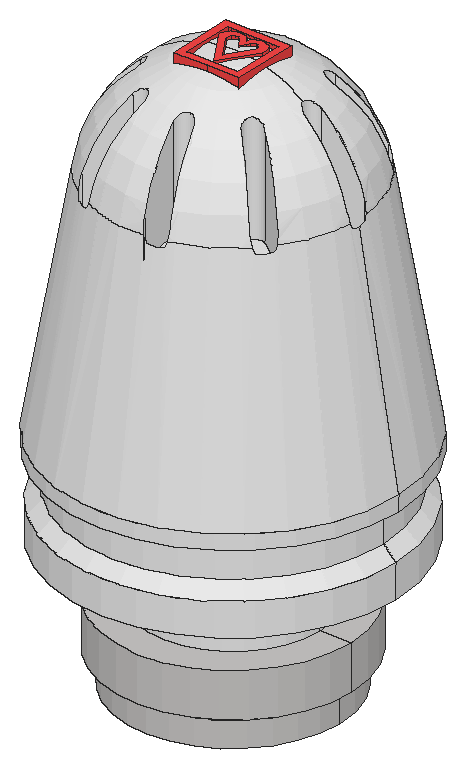
Revit family "HERZ-Thermostatkopf MINI Turbo M28x1.5 9200 16", category Rohrzubehör, Revit 2020
Family settings
  Bemaßung runder Anschluss = Durchmesser verwenden
  Teiletyp = Normal
  OmniClass-Nummer = 23.65.55.14
  OmniClass-Titel = Valves for Liquid Services
  Arbeitsebenenbasiert = Nein
  Immer vertikal = Nein
  Beim Laden mit Abzugskörper schneiden = Nein
  Gemeinsam genutzt = Nein
Parameters
  Vorgabe-Ansicht = 0 mm
  URL = "www.herz-armaturen.at"
  Thermostatkopf = "Kunststoff, weiß"  # constant formula
  Sollwertbereich = "6-28°C"  # constant formula
  S02 = 60 mm  # constant formula
  S01 = 73 mm  # constant formula
  Nullstellung = "Heizkörperthermostat mit Flüssigkeitsfühler (Hydrosensor) mit Stellung „0“, Frostsicherung einstellbar, mit Begrenzung und Blockierung des Sollwertbereiches."
  Hersteller = "HERZ Armaturen Ges.m.b.H."  # constant formula
  Funktionsweise = "Der HERZ-Thermostat dient als Fühl- und Regelelement. Durch die Volumsänderung der Flüssigkeitsfüllung im HERZ-Hydrosensor wird die Schubspindel des Ventils bewegt."
  Frostsicherung bei = 6 °C  # constant formula
  Sollwertbereich Frostsicherung = "6-28°C"  # constant formula
  Frostsicherung = "Heizkörperthermostat  mit  Flüssigkeitsfühler  (Hydrosensor)  mit  automatischer  Frostsicherung  und  Be-grenzung und Blockierung des Sollwertbereiches."
  Bestellnummer = 1920016  # constant formula
  Anwendungen = "Zur Montage auf Ventilen, die für thermostatischen Betrieb eingerichtet sind.Artikelnummern, Dimensionen und Lieferform der HERZ Ventile sind den jeweiligen Produktnormblättern zu entnehmen."
Reference planes
  plane 1 "Mitte (Vorne/hinten)": y = 0
  plane 2: z = 0
  plane 3 "Mitte (Links/rechts)": x = 0
Forms (mm)
  Revolve 1, solid, material "Kunststoff weiß", detail levels fine
    sketch origin (0, 0, 0) x (1, 0, 0) y (0, 0, 1)
      loop
        line (0, 0) -> (0, 73)
        arc (0, 73) -> (-11.397, 68.78) -> (-17.297, 58.156) r 17.5
        arc (-17.297, 58.156) -> (-20.011, 42.065) -> (-22.88, 26) r 1681.293
        line (-22.88, 26) -> (-22.88, 24) -> (-20.75, 24) -> (-20.75, 19.25) -> (-22.5, 17.5) -> (-22.5, 13) -> (-12.8, 13)
        arc (-12.8, 13) -> (-12.234, 12.766) -> (-12, 12.2) r 0.8
        line (-12, 12.2) -> (-12, 4.8) -> (-13.2, 4.8) -> (-13.2, 0) -> (0, 0)
      axis (0, 73) -> (0, 0)
    angle from 0 to 360
  Revolve 2, solid, material "Messing verzinkt", detail levels fine
    sketch origin (0, 0, 0) x (1, 0, 0) y (0, 0, 1)
      loop
        line (0, 0) -> (0, 5.5) -> (-16.35, 5.5) -> (-16.35, -0.576) -> (-14.75, -1.5) -> (-14.75, -5) -> (-13.35, -5) -> (-13.35, 0) -> (0, 0)
      axis (0, 5.5) -> (0, -5)
    angle from 0 to 360
  Extrusion 3, void
    sketch origin (0, 0, 0) x (1, 0, 0) y (0, 1, 0)
      loop
        arc (11.027, 1.298) -> (9.8, 0) -> (11.027, -1.298) r 1.3
        line (11.027, -1.298) -> (16.77, -1.62)
        arc (16.77, -1.62) -> (17.178, -1.485) -> (17.384, -1.107) r 0.586
        arc (17.384, -1.107) -> (17.453, 0.011) -> (17.382, 1.129) r 9
        arc (17.382, 1.129) -> (17.183, 1.492) -> (16.79, 1.621) r 0.564
        line (16.79, 1.621) -> (11.027, 1.298)
      loop
        line (9.282, 6.094) -> (13.904, 9.55)
        arc (13.904, 9.55) -> (14.121, 9.902) -> (14.04, 10.308) r 0.564
        arc (14.04, 10.308) -> (13.376, 11.21) -> (12.605, 12.023) r 9
        arc (12.605, 12.023) -> (12.205, 12.18) -> (11.805, 12.021) r 0.586
        line (11.805, 12.021) -> (7.613, 8.082)
        arc (7.613, 8.082) -> (7.507, 6.299) -> (9.282, 6.094) r 1.3
      loop
        arc (0.637, 11.085) -> (1.702, 9.651) -> (3.193, 10.634) r 1.3
        line (3.193, 10.634) -> (4.508, 16.234)
        arc (4.508, 16.234) -> (4.445, 16.659) -> (4.109, 16.928) r 0.586
        arc (4.109, 16.928) -> (3.02, 17.189) -> (1.907, 17.313) r 9
        arc (1.907, 17.313) -> (1.515, 17.181) -> (1.319, 16.816) r 0.564
        line (1.319, 16.816) -> (0.637, 11.085)
      loop
        line (-4.39, 10.199) -> (-6.991, 15.351)
        arc (-6.991, 15.351) -> (-7.3, 15.626) -> (-7.713, 15.617) r 0.564
        arc (-7.713, 15.617) -> (-8.717, 15.12) -> (-9.651, 14.501) r 9
        arc (-9.651, 14.501) -> (-9.875, 14.134) -> (-9.788, 13.713) r 0.586
        line (-9.788, 13.713) -> (-6.638, 8.901)
        arc (-6.638, 8.901) -> (-4.9, 8.487) -> (-4.39, 10.199) r 1.3
      loop
        arc (-10.806, 2.552) -> (-9.209, 3.352) -> (-9.918, 4.991) r 1.3
        line (-9.918, 4.991) -> (-15.204, 7.258)
        arc (-15.204, 7.258) -> (-15.634, 7.271) -> (-15.957, 6.986) r 0.586
        arc (-15.957, 6.986) -> (-16.404, 5.959) -> (-16.719, 4.884) r 9
        arc (-16.719, 4.884) -> (-16.657, 4.475) -> (-16.332, 4.219) r 0.564
        line (-16.332, 4.219) -> (-10.806, 2.552)
      loop
        line (-10.806, -2.552) -> (-16.332, -4.219)
        arc (-16.332, -4.219) -> (-16.657, -4.475) -> (-16.719, -4.884) r 0.564
        arc (-16.719, -4.884) -> (-16.404, -5.959) -> (-15.957, -6.986) r 9
        arc (-15.957, -6.986) -> (-15.634, -7.271) -> (-15.204, -7.258) r 0.586
        line (-15.204, -7.258) -> (-9.918, -4.991)
        arc (-9.918, -4.991) -> (-9.209, -3.352) -> (-10.806, -2.552) r 1.3
      loop
        arc (9.282, -6.094) -> (7.507, -6.299) -> (7.613, -8.082) r 1.3
        line (7.613, -8.082) -> (11.805, -12.021)
        arc (11.805, -12.021) -> (12.205, -12.18) -> (12.605, -12.023) r 0.586
        arc (12.605, -12.023) -> (13.376, -11.21) -> (14.04, -10.308) r 9
        arc (14.04, -10.308) -> (14.121, -9.902) -> (13.904, -9.55) r 0.564
        line (13.904, -9.55) -> (9.282, -6.094)
      loop
        line (0.637, -11.085) -> (1.319, -16.816)
        arc (1.319, -16.816) -> (1.515, -17.181) -> (1.907, -17.313) r 0.564
        arc (1.907, -17.313) -> (3.02, -17.189) -> (4.109, -16.928) r 9
        arc (4.109, -16.928) -> (4.445, -16.659) -> (4.508, -16.234) r 0.586
        line (4.508, -16.234) -> (3.193, -10.634)
        arc (3.193, -10.634) -> (1.702, -9.651) -> (0.637, -11.085) r 1.3
      loop
        arc (-4.39, -10.199) -> (-4.9, -8.487) -> (-6.638, -8.901) r 1.3
        line (-6.638, -8.901) -> (-9.788, -13.713)
        arc (-9.788, -13.713) -> (-9.875, -14.134) -> (-9.651, -14.501) r 0.586
        arc (-9.651, -14.501) -> (-8.717, -15.12) -> (-7.713, -15.617) r 9
        arc (-7.713, -15.617) -> (-7.3, -15.626) -> (-6.991, -15.351) r 0.564
        line (-6.991, -15.351) -> (-4.39, -10.199)
    from 55 to 73
Cuts and joins
  Extrusion 3 cuts Revolve 1
Lines and regions (mm)
  model lines, detail levels coarse+medium
    curve 1: line (0, 0, 0) -> (0, 0, 13)
    curve 2: line (0, -0.017, 0) -> (0, 13, 0)
    curve 3: circle (0, 0, 43) r 30 normal (0, -1, 0)
    curve 4: line (0, 0, 23) -> (0, 0, 63)
    curve 5: line (-17.5, 0, 63) -> (17.5, 0, 63)
    curve 6: circle (0, -0.017, 43) r 30 normal (1, 0, 0)
    curve 7: line (0, -0.017, 23) -> (0, -0.017, 63)
    curve 8: line (0, 17.483, 63) -> (0, -17.517, 63)
    curve 9: circle (0, 43, 0) r 30 normal (0, 0, 1)
    curve 10: line (0, 23, 0) -> (0, 63, 0)
    curve 11: line (-17.5, 63, 0) -> (17.5, 63, 0)
Dimensions and locks
  "S01": curve 3 to plane 2
  "S01": curve 6 to plane 2
  "S01": plane 1 "Mitte (Vorne/hinten)" to curve 9
  "S02": diameter of curve 3
  "S02": diameter of curve 6
  "S02": diameter of curve 9
  aligned and locked: level to plane 2
Automatic sketch dimensions
  Revolve 1 sketch curve to level = 0 mm
  Revolve 1 sketch curve to plane 3 "Mitte (Links/rechts)" = 0 mm  (x2)
  Revolve 1 sketch curve to plane 3 "Mitte (Links/rechts)" = 12 mm
  Revolve 1 sketch curve to Revolve 1 sketch curve = 0.8 mm
  Revolve 1 sketch curve to Revolve 1 sketch curve = 1.2 mm
  Revolve 1 sketch curve to Revolve 1 sketch curve = 7.95 mm
  Revolve 1 sketch curve to Revolve 1 sketch curve = 1.75 mm  (x2)
  Revolve 1 sketch curve to Revolve 1 sketch curve = 2.13 mm
  level to Revolve 1 sketch curve = 329.658 mm
  Revolve 1 sketch curve to plane 3 "Mitte (Links/rechts)" = 1676.524 mm
  level to Revolve 1 sketch curve = 4.8 mm
  Revolve 1 sketch curve to Revolve 1 sketch curve = 7.4 mm
  Revolve 1 sketch curve to Revolve 1 sketch curve = 4.5 mm
  Revolve 1 sketch curve to Revolve 1 sketch curve = 4.75 mm
  Revolve 1 sketch curve to Revolve 1 sketch curve = 2 mm
  Revolve 1 sketch curve to Revolve 1 sketch curve = 29.5 mm
  Revolve 1 sketch curve to Revolve 1 sketch curve = 17.5 mm
  Revolve 1 sketch curve to level = 366.045 mm
  Revolve 1 sketch curve to Revolve 1 sketch curve = 2141.315 mm
  Revolve 2 sketch curve to level = 0 mm
  Revolve 2 sketch curve to plane 3 "Mitte (Links/rechts)" = 0 mm  (x2)
  Revolve 2 sketch curve to level = 5 mm
  Revolve 2 sketch curve to plane 3 "Mitte (Links/rechts)" = 13.35 mm
  Revolve 2 sketch curve to Revolve 2 sketch curve = 1.4 mm
  Revolve 2 sketch curve to level = 0.576 mm
  Revolve 2 sketch curve to Revolve 2 sketch curve = 1.6 mm
  Revolve 2 sketch curve to level = 1.5 mm
  level to Revolve 2 sketch curve = 5.5 mm
  Revolve 2 sketch curve to Revolve 2 sketch curve = 361.045 mm
  Revolve 2 sketch curve to Revolve 2 sketch curve = 2208.815 mm
  plane 1 "Mitte (Vorne/hinten)" to Extrusion 3 sketch curve = 0 mm  (x2)
  Extrusion 3 sketch curve to plane 1 "Mitte (Vorne/hinten)" = 4.219 mm
  Extrusion 3 sketch curve to plane 3 "Mitte (Links/rechts)" = 16.332 mm
  plane 1 "Mitte (Vorne/hinten)" to Extrusion 3 sketch curve = 4.219 mm
  Extrusion 3 sketch curve to Extrusion 3 sketch curve = 0 mm  (x11)
  Extrusion 3 sketch curve to Extrusion 3 sketch curve = 0.163 mm  (x2)
  Extrusion 3 sketch curve to Extrusion 3 sketch curve = 0.734 mm  (x2)
  plane 1 "Mitte (Vorne/hinten)" to Extrusion 3 sketch curve = 7.258 mm
  Extrusion 3 sketch curve to Extrusion 3 sketch curve = 0.231 mm  (x2)
  Extrusion 3 sketch curve to plane 1 "Mitte (Vorne/hinten)" = 7.258 mm
  plane 1 "Mitte (Vorne/hinten)" to Extrusion 3 sketch curve = 2.552 mm
  Extrusion 3 sketch curve to Extrusion 3 sketch curve = 5.526 mm
  Extrusion 3 sketch curve to plane 1 "Mitte (Vorne/hinten)" = 2.552 mm
  Extrusion 3 sketch curve to Extrusion 3 sketch curve = 0.375 mm  (x2)
  Extrusion 3 sketch curve to Extrusion 3 sketch curve = 0.512 mm  (x2)
  Extrusion 3 sketch curve to Extrusion 3 sketch curve = 5.416 mm  (x2)
  Extrusion 3 sketch curve to Extrusion 3 sketch curve = 0.49 mm  (x2)
  Extrusion 3 sketch curve to Extrusion 3 sketch curve = 2.488 mm  (x2)
  Extrusion 3 sketch curve to Extrusion 3 sketch curve = 1.803 mm  (x2)
  Extrusion 3 sketch curve to Extrusion 3 sketch curve = 0.504 mm  (x2)
  Extrusion 3 sketch curve to Extrusion 3 sketch curve = 3.281 mm  (x2)
  Extrusion 3 sketch curve to Extrusion 3 sketch curve = 1.088 mm  (x2)
  Extrusion 3 sketch curve to Extrusion 3 sketch curve = 1.16 mm  (x2)
  Extrusion 3 sketch curve to Extrusion 3 sketch curve = 1.324 mm  (x2)
  plane 3 "Mitte (Links/rechts)" to Extrusion 3 sketch curve = 0.637 mm  (x2)
  plane 3 "Mitte (Links/rechts)" to Extrusion 3 sketch curve = 1.319 mm  (x2)
  plane 3 "Mitte (Links/rechts)" to Extrusion 3 sketch curve = 1.468 mm  (x2)
  Extrusion 3 sketch curve to Extrusion 3 sketch curve = 0.561 mm  (x2)
  Extrusion 3 sketch curve to Extrusion 3 sketch curve = 1.291 mm  (x2)
  Extrusion 3 sketch curve to Extrusion 3 sketch curve = 1.266 mm  (x2)
  Extrusion 3 sketch curve to Extrusion 3 sketch curve = 2.058 mm  (x2)
  Extrusion 3 sketch curve to Extrusion 3 sketch curve = 0.57 mm  (x2)
  Extrusion 3 sketch curve to Extrusion 3 sketch curve = 5.007 mm  (x2)
  Extrusion 3 sketch curve to Extrusion 3 sketch curve = 1.138 mm  (x2)
  Extrusion 3 sketch curve to Extrusion 3 sketch curve = 1.978 mm
  Extrusion 3 sketch curve to Extrusion 3 sketch curve = 0.89 mm  (x2)
  Extrusion 3 sketch curve to Extrusion 3 sketch curve = 0.779 mm  (x2)
  plane 1 "Mitte (Vorne/hinten)" to Extrusion 3 sketch curve = 1.298 mm
  Extrusion 3 sketch curve to Extrusion 3 sketch curve = 2.575 mm
  Extrusion 3 sketch curve to Extrusion 3 sketch curve = 0.073 mm
  Extrusion 3 sketch curve to Extrusion 3 sketch curve = 4.192 mm  (x2)
  Extrusion 3 sketch curve to Extrusion 3 sketch curve = 0.401 mm  (x2)
  Extrusion 3 sketch curve to Extrusion 3 sketch curve = 1.36 mm  (x2)
  Extrusion 3 sketch curve to Extrusion 3 sketch curve = 0.338 mm  (x2)
  plane 1 "Mitte (Vorne/hinten)" to Extrusion 3 sketch curve = 1.62 mm
  Extrusion 3 sketch curve to Extrusion 3 sketch curve = 5.743 mm
  Extrusion 3 sketch curve to plane 1 "Mitte (Vorne/hinten)" = 1.621 mm
  Extrusion 3 sketch curve to Extrusion 3 sketch curve = 0.02 mm
  Extrusion 3 sketch curve to Extrusion 3 sketch curve = 0.033 mm
  Extrusion 3 sketch curve to Extrusion 3 sketch curve = 0.032 mm
  plane 1 "Mitte (Vorne/hinten)" to Extrusion 3 sketch curve = 7.32 mm
  Extrusion 3 sketch curve to Extrusion 3 sketch curve = 6.784 mm
  Extrusion 3 sketch curve to Extrusion 3 sketch curve = 1.004 mm
  Extrusion 3 sketch curve to Extrusion 3 sketch curve = 1.581 mm  (x2)
  Extrusion 3 sketch curve to Extrusion 3 sketch curve = 1.468 mm
  Extrusion 3 sketch curve to Extrusion 3 sketch curve = 0.712 mm  (x2)
  Extrusion 3 sketch curve to Extrusion 3 sketch curve = 0.452 mm  (x2)
  Extrusion 3 sketch curve to Extrusion 3 sketch curve = 2.31 mm  (x2)
  Extrusion 3 sketch curve to Extrusion 3 sketch curve = 0.297 mm  (x2)
  Extrusion 3 sketch curve to Extrusion 3 sketch curve = 1.591 mm  (x2)
  Extrusion 3 sketch curve to Extrusion 3 sketch curve = 0.427 mm  (x2)
  Extrusion 3 sketch curve to Extrusion 3 sketch curve = 4.812 mm  (x2)
  Extrusion 3 sketch curve to Extrusion 3 sketch curve = 0.321 mm  (x2)
  Extrusion 3 sketch curve to Extrusion 3 sketch curve = 1.063 mm  (x2)
  Extrusion 3 sketch curve to Extrusion 3 sketch curve = 0.254 mm  (x2)
  Extrusion 3 sketch curve to Extrusion 3 sketch curve = 5.599 mm  (x2)
  Extrusion 3 sketch curve to Extrusion 3 sketch curve = 0.134 mm  (x2)
  Extrusion 3 sketch curve to Extrusion 3 sketch curve = 0.382 mm  (x2)
  Extrusion 3 sketch curve to Extrusion 3 sketch curve = 0.067 mm  (x2)
  Extrusion 3 sketch curve to Extrusion 3 sketch curve = 0.947 mm
  Extrusion 3 sketch curve to Extrusion 3 sketch curve = 0.539 mm  (x2)
  Extrusion 3 sketch curve to Extrusion 3 sketch curve = 1.702 mm
  Extrusion 3 sketch curve to Extrusion 3 sketch curve = 2.439 mm
  Extrusion 3 sketch curve to Extrusion 3 sketch curve = 0.54 mm  (x2)
  Extrusion 3 sketch curve to Extrusion 3 sketch curve = 0.905 mm
  Extrusion 3 sketch curve to Extrusion 3 sketch curve = 0.585 mm
  Extrusion 3 sketch curve to Extrusion 3 sketch curve = 0.564 mm
  Extrusion 3 sketch curve to Extrusion 3 sketch curve = 0.339 mm
  Extrusion 3 sketch curve to Extrusion 3 sketch curve = 1.245 mm
  Extrusion 3 sketch curve to plane 1 "Mitte (Vorne/hinten)" = 5.433 mm
  Extrusion 3 sketch curve to Extrusion 3 sketch curve = 0.661 mm
  Extrusion 3 sketch curve to Extrusion 3 sketch curve = 1.041 mm
  Extrusion 3 sketch curve to Extrusion 3 sketch curve = 4.429 mm
  Extrusion 3 sketch curve to Extrusion 3 sketch curve = 2.891 mm
  Extrusion 3 sketch curve to Extrusion 3 sketch curve = 3.456 mm
  Extrusion 3 sketch curve to plane 1 "Mitte (Vorne/hinten)" = 1.298 mm  (x2)
  plane 1 "Mitte (Vorne/hinten)" to curve 6 = 0.017 mm
  plane 1 "Mitte (Vorne/hinten)" to curve 7 = 0.017 mm
  curve 8 to curve 7 = 17.5 mm
  curve 8 to plane 1 "Mitte (Vorne/hinten)" = 17.483 mm
  curve 7 to curve 6 = 20 mm
  curve 6 to curve 8 = 20 mm
  curve 3 to plane 3 "Mitte (Links/rechts)" = 0 mm
  curve 4 to plane 3 "Mitte (Links/rechts)" = 0 mm
  curve 1 to plane 3 "Mitte (Links/rechts)" = 0 mm
  curve 1 to level = 0 mm
  curve 5 to curve 4 = 17.5 mm
  plane 3 "Mitte (Links/rechts)" to curve 5 = 17.5 mm
  curve 1 to curve 4 = 10 mm
  curve 3 to curve 5 = 20 mm
  curve 9 to plane 3 "Mitte (Links/rechts)" = 0 mm
  curve 10 to plane 3 "Mitte (Links/rechts)" = 0 mm
  curve 2 to plane 3 "Mitte (Links/rechts)" = 0 mm
  curve 11 to curve 10 = 17.5 mm
  plane 3 "Mitte (Links/rechts)" to curve 11 = 17.5 mm
  plane 1 "Mitte (Vorne/hinten)" to curve 2 = 0.017 mm
  curve 2 to curve 10 = 10 mm
  curve 9 to curve 11 = 20 mm
Nested families
  nested 1: "Herz-Logo" at (0, 0, 71.5), type "Herz-Logo", detail levels fine
Definition of nested family "Herz-Logo"
  Parameters (values of type "Herz-Logo")
    Default Elevation = 0 mm
  Reference planes
    plane 1 "Mitte (Vorne/hinten)": y = 0
    plane 2: z = 0
    plane 3 "Mitte (Links/rechts)": x = 0
  Forms (mm)
    Extrusion 1, solid
      sketch origin (0, 0, 0) x (1, 0, 0) y (0, 1, 0)
        loop
          line (-0.018, -4.517) -> (4.482, -4.517) -> (4.482, 4.483) -> (-4.518, 4.483) -> (-4.518, -4.517) -> (-0.018, -4.517)
        loop
          line (-0.05, -3.48) -> (3.482, -3.48) -> (3.482, 3.483) -> (-3.518, 3.483) -> (-3.518, -3.48) -> (-0.05, -3.48)
        loop
          arc (-0.018, 2.383) -> (-1.543, 3.287) -> (-3.067, 2.383) r 1.738
          arc (-3.067, 2.383) -> (-3.191, 1.899) -> (-3.067, 1.415) r 1.009
          line (-3.067, 1.415) -> (-0.018, -3.281) -> (3.032, 1.415)
          arc (3.032, 1.415) -> (3.156, 1.899) -> (3.032, 2.383) r 1.009
          arc (3.032, 2.383) -> (1.507, 3.287) -> (-0.018, 2.383) r 1.738
        loop
          arc (1.885, 1.272) -> (2.005, 1.675) -> (1.885, 2.079) r 0.74
          arc (1.885, 2.079) -> (1.265, 2.416) -> (0.644, 2.079) r 0.74
          line (0.644, 2.079) -> (-0.018, 0.97) -> (-0.679, 2.079)
          arc (-0.679, 2.079) -> (-1.3, 2.416) -> (-1.921, 2.079) r 0.74
          arc (-1.921, 2.079) -> (-2.04, 1.675) -> (-1.921, 1.272) r 0.74
          line (-1.921, 1.272) -> (-0.018, -1.658) -> (1.885, 1.272)
      from 0 to 1.5
  Dimensions and locks
    aligned and locked: level to plane 2
